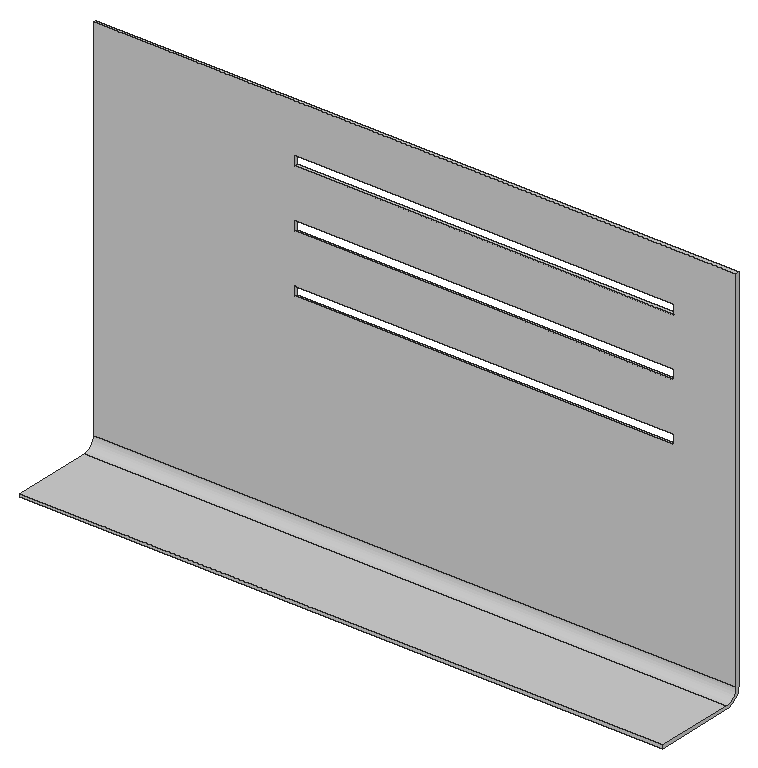
Revit family "Haworth_ActiveComponents_InnerAccessoryScreen_BUILD", category Furniture Systems, Revit 2015
Parameters (values of type "Worksurface Mount")
  Worksurface Mount = not(Rail Mount)  # yes
  Warranty = "http://www.haworth.com/resources/product-info/warranties"
  URL - Product = "http://www.haworth.com/products/workspaces/accessories/active-components"
  URL = "http://www.haworth.com/"
  Trim Finish [instance] = Haworth _ Metal _ Brushed Aluminum
  Size = "Verify Final Dim. w/ Haworth"  # constant formula
  Revision Number = "1"  # constant formula
  Rail Mount = no
  Model = "AUSA"  # constant formula
  Manufacturer = "Haworth"  # constant formula
  Description = "Haworth - Active Components - Inner Accessory Screen"  # constant formula
  Author = "Haworth (Alias)"  # constant formula
  Assembly Code = "E2020200"
  Actual Width = if(Rail Mount, 24", 22")  # 22"
  Actual Mounting Height = 29"  # constant formula
  Actual Height = 13"  # constant formula
  Actual Depth = 3/32"  # constant formula
Types (2): name | Worksurface Mount | Rail Mount | Actual Width
  Rail Mount | no | yes | 24"
  Worksurface Mount | yes | no | 22"
Reference planes (in)
  plane 1: z = 0
  plane 2 "Left Edge": x = -5.8125
  plane 3 "Support Top": z = 42
  plane 4 "Center F/B": y = 6.68256
  plane 5 "Bottom Screen": z = 29
  plane 6 "Right Edge": x = 16.1875
  plane 7 "Center LR": x = 5.1875
  plane 8 "Back": y = 6.72944
  plane 9 "Front": y = 6.63569
Forms (in)
  Sweep 1, solid, material "Haworth _ Metal _ Brushed Aluminum" <- "Trim Finish", visible <- "Worksurface Mount"
    path origin (0, 0, 29) x (-1, 0, 0) y (0, -1, 0)
      loop
        line (5.8125, -6.68256) -> (-16.1875, -6.68256)
    profile origin (5.1875, 6.68256, 29) x (0, 1, 0) y (0, 0, 1)
      loop
        line (-3.1925, 0) -> (-0.45313, 0)
        arc (-0.45313, 0) -> (-0.09957, 0.14645) -> (0.04687, 0.5) r 0.5
        line (0.04687, 0.5) -> (0.04687, 13.18) -> (-0.04687, 13.18) -> (-0.04687, 0.49219)
        arc (-0.04687, 0.49219) -> (-0.16357, 0.21045) -> (-0.44531, 0.09375) r 0.39844
        line (-0.44531, 0.09375) -> (-3.1925, 0.09375) -> (-3.1925, 0)
  Sweep 2, solid, material "Haworth _ Metal _ Brushed Aluminum" <- "Trim Finish", visible <- "Rail Mount"
    path origin (0, 0, 29) x (-1, 0, 0) y (0, -1, 0)
      loop
        line (5.8125, -6.68256) -> (-16.1875, -6.68256)
    profile origin (5.1875, 6.68256, 29) x (0, 1, 0) y (0, 0, 1)
      loop
        line (-0.04687, 12.787) -> (-0.04687, 0) -> (0.04687, 0) -> (0.04687, 12.787) -> (-0.04687, 12.787)
  Sweep 3, void
    path origin (0, 0, 29) x (-1, 0, 0) y (0, -1, 0)
      loop
        line (-5.1875, -5.93256) -> (-5.1875, -7.43256)
    profile origin (5.1875, 6.68256, 29) x (-1, 0, 0) y (0, 0, 1)
      loop
        line (-8.875, 11.505) -> (-8.875, 11.18) -> (4.125, 11.18) -> (4.125, 11.505) -> (-8.875, 11.505)
      loop
        line (-8.875, 7.505) -> (-8.875, 7.18) -> (4.125, 7.18) -> (4.125, 7.505) -> (-8.875, 7.505)
      loop
        line (4.125, 9.18) -> (4.125, 9.505) -> (-8.875, 9.505) -> (-8.875, 9.18) -> (4.125, 9.18)
Cuts and joins
  Sweep 3 cuts Sweep 1
  Sweep 3 cuts Sweep 2
Lines and regions (in)
  Masking region 1, visible <- "Worksurface Mount"
    outline origin (0, 0, 29) x (-1, 0, 0) y (0, -1, 0)
      loop
        line (5.8125, -3.49006) -> (-16.1875, -3.49006) -> (-16.1875, -6.72944) -> (5.8125, -6.72944) -> (5.8125, -3.49006)
  Masking region 2, visible <- "Rail Mount"
    outline origin (0, 0, 29) x (-1, 0, 0) y (0, -1, 0)
      loop
        line (5.8125, -6.72944) -> (5.8125, -6.63569) -> (-16.1875, -6.63569) -> (-16.1875, -6.72944) -> (5.8125, -6.72944)
  symbolic lines, style "Haworth", visible <- "Worksurface Mount", detail levels medium+fine
    curve 1: line (-5.8125, 6.63569, 29) -> (16.1875, 6.63569, 29)
Dimensions and locks (in)
  "Actual Mounting Height": plane 5 "Bottom Screen" to level
  "Actual Height": plane 3 "Support Top" to plane 5 "Bottom Screen"
  "Actual Width": plane 2 "Left Edge" to plane 6 "Right Edge"
  equal spacing: plane 2 "Left Edge", plane 7 "Center LR", plane 6 "Right Edge"
  locked: plane 4 "Center F/B" to Sweep 3 sketch curve at 0.75
  locked: Sweep 3 sketch curve to plane 4 "Center F/B" at 0.75
  equal spacing: plane 8 "Back", plane 4 "Center F/B", plane 9 "Front"
  "Actual Depth": plane 9 "Front" to plane 8 "Back"
  locked: Sweep 3 sketch curve to plane 6 "Right Edge" at 2.125  (x3)
  locked: Sweep 3 sketch curve to Sweep 3 sketch curve at 13  (x3)
  locked: plane 4 "Center F/B" to Masking region 1 sketch curve at 3.1925
  aligned and locked: Sweep 1 sketch curve to plane 4 "Center F/B"
  aligned and locked: plane 6 "Right Edge" to Sweep 1 sketch curve
  aligned and locked: plane 2 "Left Edge" to Sweep 1 sketch curve
  aligned and locked: Sweep 2 sketch curve to plane 4 "Center F/B"
  aligned and locked: plane 6 "Right Edge" to Sweep 2 sketch curve
  aligned and locked: plane 2 "Left Edge" to Sweep 2 sketch curve
  aligned and locked: Masking region 1 sketch curve to plane 2 "Left Edge"
  aligned and locked: Masking region 1 sketch curve to plane 6 "Right Edge"
  aligned and locked: plane 7 "Center LR" to Sweep 3 sketch curve
  aligned and locked: Sweep 2 sketch curve to plane 9 "Front"
  aligned and locked: Sweep 2 sketch curve to plane 8 "Back"
  aligned and locked: plane 8 "Back" to Masking region 1 sketch curve
  aligned and locked: Masking region 2 sketch curve to plane 8 "Back"
  aligned and locked: Masking region 2 sketch curve to plane 9 "Front"
  aligned and locked: Masking region 2 sketch curve to plane 6 "Right Edge"
  aligned and locked: Masking region 2 sketch curve to plane 2 "Left Edge"
  aligned and locked: plane 9 "Front" to curve 1
Automatic sketch dimensions
  Sweep 2 sketch curve to plane 5 "Bottom Screen" = 0"
  plane 5 "Bottom Screen" to Sweep 2 sketch curve = 12.787"
  Sweep 1 sketch curve to plane 5 "Bottom Screen" = 0"
  profile plane to Sweep 1 sketch curve = 3.1925"
  profile plane to Sweep 1 sketch curve = 29/64"
  Sweep 1 sketch curve to Sweep 1 sketch curve = 1/128"
  profile plane to Sweep 1 sketch curve = 3/64"
  Sweep 1 sketch curve to profile plane = 3/64"
  plane 5 "Bottom Screen" to Sweep 1 sketch curve = 3/32"
  Sweep 1 sketch curve to Sweep 1 sketch curve = 12.68"
  plane 5 "Bottom Screen" to Sweep 3 sketch curve = 7.18"
  Sweep 3 sketch curve to Sweep 3 sketch curve = 0.325"  (x3)
  Sweep 3 sketch curve to Sweep 3 sketch curve = 1.675"  (x2)
  curve 1 to plane 6 "Right Edge" = 0"
  curve 1 to plane 2 "Left Edge" = 0"
